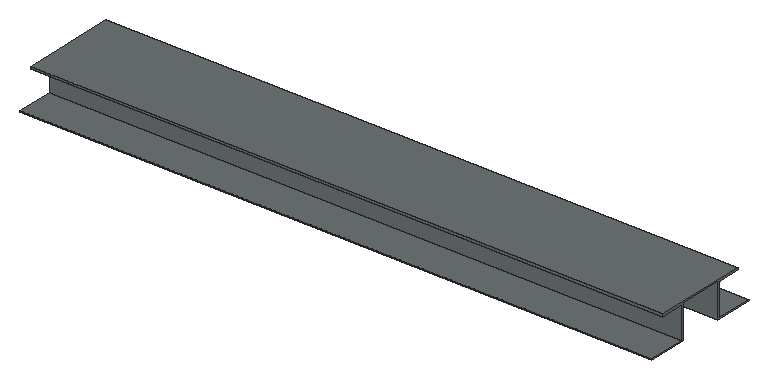
Revit family "BIMLIB_ПланкаНОбразнаяБлокХаусNew_GRANDLINE", category Обобщенные модели, Revit 2017
Family settings
  Может служить основой для арматурных стержней = Нет
  Размер круглого соединителя = Использовать диаметр
  Тип детали = Нормальный
  При загрузке вырезать с полостями = Нет
  Общий = Нет
  Точка расчета площади = Нет
Parameters (values of type "Н-образная планка")
  Смещение от плоскости [instance] = 0 mm
  Описание = ADSK_Наименование  # "Н-образная планка Блок Хаус New"
  Изготовитель = "Grand Line"  # constant formula
  built-in parameter 1001306 [instance] = 500 mm
  Watermark [instance] = "Модели защищены уникальным кодом"
  URL = "https://www.grandline.ru"
  BL_Разработано = "support@bimlib.pro"
  BL_Email = "info@grandline.ru"
  BL_BIM library = "https://bimlib.pro/manufacturer/company/22430"
  ADSK_Размер_Длина [instance] = [built-in parameter 1001306]  # 500 mm
  ADSK_Обозначение = "ГОСТ 19904-90, ГОСТ 14918-80"
  ADSK_Наименование = "Н-образная планка Блок Хаус New"
  ADSK_Материал тип подсчета = 1  # constant formula
  ADSK_Материал = GL_Drap_RAL7016
  ADSK_Масса_Текст [instance] = ""
  ADSK_Масса [instance] = 0
  ADSK_Марка = ""
  ADSK_Количество [instance] = if(ADSK_Материал тип подсчета = 0, 1, if(ADSK_Материал тип подсчета = 1, ADSK_Размер_Длина / 1000 mm, 0))  # 0.5
  ADSK_Код изделия = "M012.043.01"  # constant formula
  ADSK_Завод-изготовитель = "Grand Line"  # constant formula
  ADSK_Единица измерения = "м"  # constant formula
  ADSK_Группирование = "Доборные элементы"  # constant formula
  ADSK_Версия Revit = "2017"  # constant formula
  ADSK_URL страницы изделия = "https://www.grandline.ru/planka-h-obraznaya-bkh-new-0-45-pe-s-plenkoy-ral-1014-slonovaya-kost-172488.html"
  ADSK_URL документации изделия = "https://www.grandline.ru/uploads/files/chertezhi_vse/dobornye_elementy/desaiydingblokhaus-new/N-obraznaa.jpg"
Reference planes
  plane 1 "По центру (Вперед/Назад)": y = 0
  plane 2: z = 0
  plane 3 "Слева": x = 0
  plane 4 "Справа": x = 500
Forms (mm)
  Sweep 1, solid, material "GL_Drap_RAL7016" <- "ADSK_Материал"
    path in 3D
      loop
        line (0, 0, 0) -> (500, 0, 0)
    profile "Профиль_ПланкаНОбразнаяБлокХаусNew : Профиль" origin (250, 0, 0) x (0, 1, 0) y (0, 0, 1)
      loop
        line (-47.5, 0.8) -> (-47.5, 0) -> (-17.5, 0) -> (-17.5, 27) -> (17.5, 27) -> (17.5, 0) -> (47.5, 0) -> (47.5, 0.8) -> (18.3, 0.8) -> (18.3, 26.2) -> (37.5, 26.2) -> (37.5, 27.8) -> (-37.5, 27.8) -> (-37.5, 26.2) -> (-18.3, 26.2) -> (-18.3, 0.8) -> (-47.5, 0.8)
Lines and regions (mm)
  reference lines
    curve 1: line (0, 0, 0) -> (500, 0, 0)
  sketch lines
    curve 2: line (0, 0, 0) -> (500, 0, 0)
Dimensions and locks
  "built-in parameter 1001306": plane 3 "Слева" to plane 4 "Справа"
  aligned and locked: plane 4 "Справа" to curve 1
  aligned and locked: plane 1 "По центру (Вперед/Назад)" to curve 1
  aligned and locked: plane 3 "Слева" to curve 1
  aligned and locked: level to plane 2
